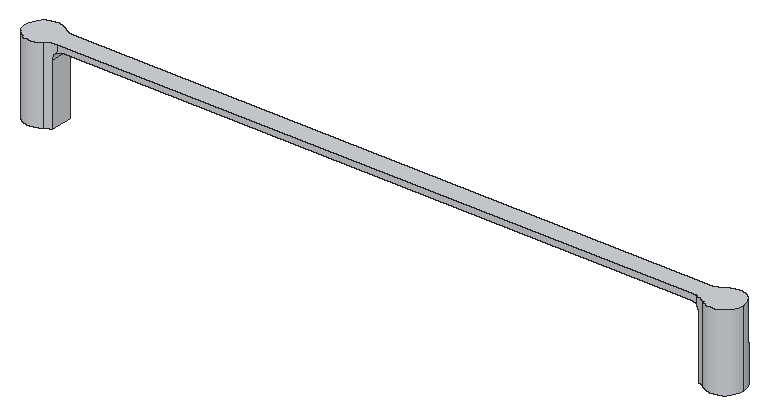
Revit family "Accessory-Towel_Bar-KOHLER-SINGULIER-K-15205T", category Specialty Equipment, host Face, Revit 2017
Family settings
  Host = Face
  Round Connector Dimension = Use Diameter
  Part Type = Normal
  OmniClass Number = 23.31.25.25
  OmniClass Title = Towel Bars
  Cut with Voids When Loaded = No
  Shared = No
  Room Calculation Point = No
Parameters (values of type "CP- Polished Chrome")
  Width = 25 1/4"  # constant formula
  WaterSense Certified = 1 = 0  # no
  URL = "http://www.kohler.com.cn/en/"
  Type = 1
  Product Page URL = "https://www.kohler.com.cn/product/K-15205T-CP/K-15205T-CP/"
  Product Name = "SINGULIER"  # constant formula
  Product Documentation Link = "https://files.kohler.com.cn/pdfs/15205t_22t.pdf"
  Model = if(Type = 1, "K-15205T-CP", "Not available")  # "K-15205T-CP"
  Material = "MetalConstruction"  # constant formula
  Master Format 2014 Name = "Toilet, Bath, and Laundry Accessories"  # constant formula
  Master Format 2014 = "10 28 00"  # constant formula
  Manufacturer Address = "Kohler Beijing Office (100016)\n36-2-03-B, No. 88, Liuxiang Road, Beijing"  # constant formula
  Manufacturer = "KOHLER Co."  # constant formula
  Length = 2 11/16"  # constant formula
  Height = 1 1/4"  # constant formula
  Finish = Kohler-Metal-CP-Polished_Chrome
  Environmental Product Declaration = ""
  Description = "Xin Jiali 24"  # constant formula
  Default Elevation = 42"
  Declare Label = ""
  Date Modified = "07/08/2020"  # constant formula
  Date Created = "07/08/2020"  # constant formula
  Copyright = "Copyright KOHLER Co."  # constant formula
  Contact Us = "http://www.kohler.com.cn/en/contact/contact-us/"
  Assembly Code = "C1030200"
  ADA Compliant = 1 = 0  # no
Reference planes (in)
  plane 1 "Center (Front/Back)": y = 0
  plane 2: z = 0
  plane 3 "Center (Left/Right)": x = 0
  plane 4: y = 0.62992
  plane 5: y = -0.62008
  plane 6: z = 2.6875
  plane 7: x = -12.61811
  plane 8: x = 12.63189
Dimensions and locks (in)
  plane 5 to plane 4 = 1 1/4"
  "Width": plane 7 to plane 8
  "Height": plane 4 to plane 5
  "Length": plane 6 to level
  aligned and locked: plane 2 to host face
  aligned and locked: level to host face
Automatic sketch dimensions
  host sketch curve to host sketch curve = 96"  (x2)
Nested families (in)
  nested 1: "K-15205T" at (0, 0, 0), type "K-15205T"
Definition of nested family "K-15205T"
  Parameters (values of type "K-15205T")
    Material = none
  Reference planes (in)
    plane 1 "Center (Front/Back)": y = 0
    plane 2: z = 0
    plane 3 "Center (Left/Right)": x = 0
    plane 4: x = 11.98819
    plane 5: x = -11.98819
    plane 6: z = 2.68504
    plane 7: x = -12.61811
    plane 8: x = -11.35827
    plane 9: y = 0.62992
    plane 10: y = -0.62992
    plane 11: x = 11.35827
    plane 12: x = 12.61811
  Forms (in)
    Revolve 1, solid, material <- "Material", detail levels medium+fine
      sketch origin (0, 0, 0) x (1, 0, 0) y (0, 0, 1)
        loop
          line (-12.61811, 2.68504) -> (-12.61811, 0) -> (-11.98819, 0) -> (-11.98819, 2.68504) -> (-12.61811, 2.68504)
        axis (-11.98819, 2.68504) -> (-11.98819, 0)
      angle from 0 to 360
    Revolve 2, solid, material <- "Material", detail levels medium+fine
      sketch origin (0, 0, 0) x (-1, 0, 0) y (0, 0, 1)
        loop
          line (-12.61811, 2.68504) -> (-12.61811, 0) -> (-11.98819, 0) -> (-11.98819, 2.68504) -> (-12.61811, 2.68504)
        axis (-11.98819, 2.68504) -> (-11.98819, 0)
      angle from 0 to 360
    Extrusion 3, solid, material <- "Material", detail levels medium+fine
      sketch origin (0, 0, 0) x (1, 0, 0) y (0, 1, 0)
        loop
          line (11.21545, 0.35433) -> (-11.21545, 0.35433)
          arc (-11.21545, 0.35433) -> (-11.41406, 0.38869) -> (-11.58958, 0.48776) r 0.59122
          line (-11.58958, 0.48776) -> (-11.74646, 0.48776) -> (-11.74646, -0.48776) -> (-11.58958, -0.48776)
          arc (-11.58958, -0.48776) -> (-11.41406, -0.38869) -> (-11.21545, -0.35433) r 0.59122
          line (-11.21545, -0.35433) -> (11.21545, -0.35433)
          arc (11.21545, -0.35433) -> (11.41406, -0.38869) -> (11.58958, -0.48776) r 0.59122
          line (11.58958, -0.48776) -> (11.74646, -0.48776) -> (11.74646, 0.48776) -> (11.58958, 0.48776)
          arc (11.58958, 0.48776) -> (11.41406, 0.38869) -> (11.21545, 0.35433) r 0.59122
      from 0 to 2.68504
    Extrusion 4, void
      sketch origin (0, 0, 0) x (1, 0, 0) y (0, 0, 1)
        loop
          arc (-11.04331, 2.49409) -> (-11.26602, 2.40184) -> (-11.35827, 2.17913) r 0.31496
          line (-11.35827, 2.17913) -> (-11.35827, 0) -> (11.35827, 0) -> (11.35827, 2.17913)
          arc (11.35827, 2.17913) -> (11.26602, 2.40184) -> (11.04331, 2.49409) r 0.31496
          line (11.04331, 2.49409) -> (-11.04331, 2.49409)
      from -1.5408 to 1.43535
    Extrusion 5, solid, material <- "Material", detail levels coarse
      sketch origin (0, 0, 0) x (1, 0, 0) y (0, 1, 0)
        loop
          circle (-11.98819, 0) r 0.62992
        loop
          circle (11.98819, 0) r 0.62992
      from 0 to 2.68504
    Extrusion 6, solid, material <- "Material", detail levels coarse
      sketch origin (0, 0, 0) x (1, 0, 0) y (0, 1, 0)
        loop
          line (-11.98819, 0.35433) -> (-11.98819, -0.35433) -> (11.98819, -0.35433) -> (11.98819, 0.35433) -> (-11.98819, 0.35433)
      from 2.20401 to 2.68504
  Cuts and joins
    Extrusion 4 cuts Extrusion 3
    joined: Revolve 1, Revolve 2, Extrusion 3
    joined: Extrusion 5, Extrusion 6
  Lines and regions (in)
    Masking region 1
      outline origin (0, 0, 0) x (1, 0, 0) y (0, 1, 0)
        loop
          line (11.21545, 0.35433) -> (-11.21545, 0.35433)
          arc (-11.21545, 0.35433) -> (-11.41406, 0.38869) -> (-11.58958, 0.48776) r 0.59122
          arc (-11.58958, 0.48776) -> (-12.2581, 0.56916) -> (-12.61811, 0) r 0.62992
          arc (-12.61811, 0) -> (-12.2581, -0.56916) -> (-11.58958, -0.48776) r 0.62992
          arc (-11.58958, -0.48776) -> (-11.41406, -0.38869) -> (-11.21545, -0.35433) r 0.59122
          line (-11.21545, -0.35433) -> (11.21545, -0.35433)
          arc (11.21545, -0.35433) -> (11.41406, -0.38869) -> (11.58958, -0.48776) r 0.59122
          arc (11.58958, -0.48776) -> (12.2581, -0.56916) -> (12.61811, 0) r 0.62992
          arc (12.61811, 0) -> (12.2581, 0.56916) -> (11.58958, 0.48776) r 0.62992
          arc (11.58958, 0.48776) -> (11.41406, 0.38869) -> (11.21545, 0.35433) r 0.59122
    Masking region 2
      outline origin (0, 0, 0) x (1, 0, 0) y (0, 0, 1)
        loop
          arc (-11.35827, 2.17913) -> (-11.26602, 2.40184) -> (-11.04331, 2.49409) r 0.31496
          line (-11.04331, 2.49409) -> (11.04331, 2.49409)
          arc (11.04331, 2.49409) -> (11.26602, 2.40184) -> (11.35827, 2.17913) r 0.31496
          line (11.35827, 2.17913) -> (11.35827, 0) -> (12.61811, 0) -> (12.61811, 2.62598)
          arc (12.61811, 2.62598) -> (12.60081, 2.66774) -> (12.55906, 2.68504) r 0.05906
          line (12.55906, 2.68504) -> (-12.55906, 2.68504)
          arc (-12.55906, 2.68504) -> (-12.60081, 2.66774) -> (-12.61811, 2.62598) r 0.05906
          line (-12.61811, 2.62598) -> (-12.61811, 0) -> (-11.35827, 0) -> (-11.35827, 2.17913)
    Masking region 3
      outline origin (0, 0, 0) x (0, 1, 0) y (0, 0, 1)
        loop
          line (-0.62992, 0) -> (0.62992, 0) -> (0.62992, 2.64705)
          arc (0.62992, 2.64705) -> (0.61879, 2.67391) -> (0.59193, 2.68504) r 0.03799
          line (0.59193, 2.68504) -> (-0.59167, 2.68504)
          arc (-0.59167, 2.68504) -> (-0.61872, 2.67384) -> (-0.62992, 2.64679) r 0.03825
          line (-0.62992, 2.64679) -> (-0.62992, 0)
    symbolic lines, detail levels medium+fine
      curve 1: arc (-11.61458, 0.45477, 0) -> (-12.24012, 0.53154, 0) -> (-12.57873, 0, 0) r 0.59055
      curve 2: line (-11.24097, 0.32157, 0) -> (11.24097, 0.32157, 0)
      curve 3: arc (-11.61458, 0.45477, 0) -> (-11.43929, 0.35587, 0) -> (-11.24097, 0.32157, 0) r 0.59055
      curve 4: line (-11.21549, 0.35432, 0) -> (-11.21549, 0.32157, 0)
      curve 5: line (-11.61458, 0.45477, 0) -> (-11.58832, 0.48673, 0)
      curve 6: arc (11.61458, 0.45477, 0) -> (12.24449, 0.52946, 0) -> (12.5787, -0.00968, 0) r 0.59055
      curve 7: arc (11.61458, 0.45477, 0) -> (11.43929, 0.35587, 0) -> (11.24097, 0.32157, 0) r 0.59055
      curve 8: line (11.21549, 0.35432, 0) -> (11.21549, 0.32157, 0)
      curve 9: line (11.61458, 0.45477, 0) -> (11.58832, 0.48673, 0)
      curve 10: arc (-11.61458, -0.45477, 0) -> (-12.24144, -0.53092, 0) -> (-12.57874, 0.00291, 0) r 0.59055
      curve 11: line (-11.24097, -0.32157, 0) -> (11.24097, -0.32157, 0)
      curve 12: arc (-11.61458, -0.45477, 0) -> (-11.43929, -0.35587, 0) -> (-11.24097, -0.32157, 0) r 0.59055
      curve 13: line (-11.21549, -0.35432, 0) -> (-11.21549, -0.32157, 0)
      curve 14: line (-11.61458, -0.45477, 0) -> (-11.58832, -0.48673, 0)
      curve 15: arc (11.61458, -0.45477, 0) -> (12.24449, -0.52946, 0) -> (12.5787, 0.00968, 0) r 0.59055
      curve 16: arc (11.61458, -0.45477, 0) -> (11.43929, -0.35587, 0) -> (11.24097, -0.32157, 0) r 0.59055
      curve 17: line (11.21549, -0.35432, 0) -> (11.21549, -0.32157, 0)
      curve 18: line (11.61458, -0.45477, 0) -> (11.58832, -0.48673, 0)
      curve 19: line (-10.89559, 0.35433, 0) -> (-10.89559, -0.35433, 0)
      curve 20: line (10.89559, 0.35433, 0) -> (10.89559, -0.35433, 0)
      curve 21: line (-11.58958, 0, 0) -> (-11.58958, 0, 2.62598)
      curve 22: line (-11.39895, 0, 0) -> (-11.39895, 0, 2.21192)
      curve 23: line (11.08367, 0, 2.5272) -> (-11.08367, 0, 2.5272)
      curve 24: arc (-11.39895, 0, 2.21192) -> (-11.30661, 0, 2.43486) -> (-11.08367, 0, 2.5272) r 0.31528
      curve 25: line (-11.35821, 0, 2.17913) -> (-11.39895, 0, 2.17913)
      curve 26: line (-11.04331, 0, 2.49409) -> (-11.04331, 0, 2.5272)
      curve 27: line (-11.29895, 0, 2.36311) -> (-11.34102, 0, 2.3934)
      curve 28: line (-11.34102, 0, 2.3934) -> (-11.34102, 0, 2.68504)
      curve 29: line (11.58958, 0, 0) -> (11.58958, 0, 2.62598)
      curve 30: line (11.39895, 0, 0) -> (11.39895, 0, 2.21192)
      curve 31: arc (11.39895, 0, 2.21192) -> (11.30661, 0, 2.43486) -> (11.08367, 0, 2.5272) r 0.31528
      curve 32: line (11.35821, 0, 2.17913) -> (11.39895, 0, 2.17913)
      curve 33: line (11.04331, 0, 2.49409) -> (11.04331, 0, 2.5272)
      curve 34: line (11.29895, 0, 2.36311) -> (11.34102, 0, 2.3934)
      curve 35: line (11.34102, 0, 2.3934) -> (11.34102, 0, 2.68504)
      curve 36: line (-12.61811, 0, 2.62598) -> (12.61811, 0, 2.62598)
      curve 37: arc (-11.58958, 0, 2.62598) -> (-11.61301, 0, 2.6616) -> (-11.64863, 0, 2.68504) r 0.1055
      curve 38: arc (11.58958, 0, 2.62598) -> (11.61301, 0, 2.6616) -> (11.64863, 0, 2.68504) r 0.1055
      curve 39: line (0, -0.62992, 2.64679) -> (0, 0.62992, 2.64679)
  Dimensions and locks (in)
    plane 5 to plane 4 = 23.97638"
    plane 4 to plane 5 = 23.97638"
    plane 6 to plane 2 = 2.68504"
    level to plane 6 = 2.68504"
    plane 7 to plane 8 = 1.25984"
    plane 9 to plane 10 = 1.25984"
    aligned and locked: plane 2 to level
  Automatic sketch dimensions
    Extrusion 4 sketch curve to level = 0"
    plane 8 to Extrusion 4 sketch curve = 0"
    Extrusion 4 sketch curve to plane 11 = 0"
    Extrusion 4 sketch curve to plane 6 = 0.19094"
    Extrusion 4 sketch curve to plane 8 = 0.31496"
    Extrusion 4 sketch curve to plane 11 = 0.31496"
    Revolve 1 sketch curve to plane 7 = 0"
    Revolve 1 sketch curve to plane 6 = 0"
    Revolve 1 sketch curve to plane 5 = 0"  (x2)
    Revolve 1 sketch curve to level = 0"
    Revolve 1 sketch curve to plane 6 = 0.3937"
    Revolve 1 sketch curve to Revolve 1 sketch curve = 0.59055"
    plane 12 to Revolve 2 sketch curve = 0"
    Revolve 2 sketch curve to plane 6 = 0"
    plane 4 to Revolve 2 sketch curve = 0"  (x2)
    Revolve 2 sketch curve to level = 0"
    plane 6 to Revolve 2 sketch curve = 0.3937"
    Revolve 2 sketch curve to Revolve 2 sketch curve = 0.59055"
    Extrusion 3 sketch curve to plane 9 = 0.14216"  (x2)
    plane 5 to Extrusion 3 sketch curve = 0.24173"
    Extrusion 3 sketch curve to Extrusion 3 sketch curve = 0.15689"  (x3)
    Extrusion 3 sketch curve to plane 8 = 0.14281"  (x2)
    Extrusion 3 sketch curve to plane 11 = 0.14281"  (x2)
    Extrusion 3 sketch curve to plane 10 = 0.14216"  (x2)
    plane 11 to Extrusion 3 sketch curve = 0.23131"
    Extrusion 3 sketch curve to plane 10 = 0.27559"
    Extrusion 3 sketch curve to plane 9 = 0.27559"
    plane 9 to Extrusion 3 sketch curve = 0.31563"
    Masking region 1 sketch curve to Masking region 1 sketch curve = 0"  (x4)
    plane 1 "Center (Front/Back)" to Masking region 1 sketch curve = 0"  (x2)
    Masking region 1 sketch curve to plane 7 = 0"
    Masking region 1 sketch curve to plane 5 = 0"
    Masking region 1 sketch curve to plane 4 = 0"
    Masking region 1 sketch curve to plane 12 = 0"
    Masking region 1 sketch curve to plane 8 = 0.14281"  (x2)
    Masking region 1 sketch curve to plane 11 = 0.14281"  (x2)
    Masking region 1 sketch curve to plane 10 = 0.27559"
    plane 10 to Masking region 1 sketch curve = 0.31563"  (x2)
    Masking region 1 sketch curve to plane 9 = 0.27559"
    plane 9 to Masking region 1 sketch curve = 0.31563"  (x2)
    plane 1 "Center (Front/Back)" to curve 1 = 0"
    curve 1 to plane 5 = 0"
    curve 10 to plane 5 = 0"
    curve 6 to plane 4 = 0"
    curve 15 to plane 4 = 0"
    curve 5 to plane 9 = 0.17515"
    plane 5 to curve 5 = 0.37361"
    curve 14 to plane 10 = 0.17515"
    plane 5 to curve 14 = 0.37361"
    curve 11 to plane 8 = 0.1173"
    curve 2 to plane 8 = 0.1173"
    curve 7 to plane 11 = 0.1173"
    curve 11 to plane 11 = 0.1173"
    curve 2 to plane 11 = 0.1173"
    plane 4 to curve 9 = 0.37361"
    plane 4 to curve 18 = 0.37361"
    plane 10 to curve 16 = 0.2822"
    plane 10 to curve 12 = 0.2822"
    plane 1 "Center (Front/Back)" to curve 6 = 0.00257"
    curve 10 to plane 1 "Center (Front/Back)" = 0.00291"
    curve 14 to curve 14 = 0.02626"
    curve 5 to curve 5 = 0.02626"
    curve 11 to curve 13 = 0.02548"
    curve 3 to curve 4 = 0.02548"
    curve 13 to curve 19 = 0.3199"
    curve 20 to curve 16 = 0.34538"
    curve 17 to curve 11 = 0.02548"
    curve 8 to curve 2 = 0.02548"
    curve 18 to curve 18 = 0.02626"
    curve 9 to curve 6 = 0.02626"
    curve 15 to plane 1 "Center (Front/Back)" = 0.00968"
    plane 1 "Center (Front/Back)" to curve 6 = 0.00968"
    curve 18 to curve 18 = 0.03196"
    curve 14 to curve 14 = 0.03196"
    curve 20 to plane 10 = 0.27559"
    curve 19 to plane 10 = 0.27559"
    curve 17 to curve 17 = 0.03275"
    curve 13 to curve 13 = 0.03275"
    curve 4 to curve 4 = 0.03275"
    curve 8 to curve 8 = 0.03275"
    curve 19 to plane 9 = 0.27559"
    curve 20 to plane 9 = 0.27559"
    curve 5 to curve 5 = 0.03196"
    curve 6 to curve 9 = 0.03196"
    Masking region 2 sketch curve to plane 7 = 0"
    Masking region 2 sketch curve to plane 6 = 0"
    plane 8 to Masking region 2 sketch curve = 0"
    Masking region 2 sketch curve to level = 0"  (x2)
    Masking region 2 sketch curve to plane 11 = 0"
    plane 12 to Masking region 2 sketch curve = 0"
    plane 7 to Masking region 2 sketch curve = 0.05906"
    Masking region 2 sketch curve to plane 6 = 0.19094"
    Masking region 2 sketch curve to plane 8 = 0.31496"
    Masking region 2 sketch curve to plane 11 = 0.31496"
    plane 12 to Masking region 2 sketch curve = 0.05906"
    Masking region 2 sketch curve to plane 6 = 0.05906"
    curve 36 to plane 7 = 0"
    curve 37 to plane 6 = 0"
    curve 21 to level = 0"
    curve 22 to level = 0"
    curve 28 to plane 6 = 0"
    curve 35 to plane 6 = 0"
    curve 30 to level = 0"
    curve 29 to level = 0"
    curve 38 to plane 6 = 0"
    plane 12 to curve 36 = 0"
    curve 37 to plane 6 = 0.09804"
    plane 5 to curve 37 = 0.30058"
    plane 8 to curve 22 = 0.04068"
    curve 28 to plane 8 = 0.01724"
    curve 23 to plane 6 = 0.15784"
    curve 23 to plane 8 = 0.27459"
    curve 23 to plane 11 = 0.27459"
    curve 35 to plane 11 = 0.01724"
    plane 11 to curve 30 = 0.04068"
    curve 38 to plane 6 = 0.09804"
    plane 4 to curve 38 = 0.30058"
    curve 24 to curve 28 = 0.18148"
    curve 31 to curve 35 = 0.18148"
    curve 37 to curve 37 = 0.03898"
    curve 37 to curve 21 = 0.05906"
    curve 37 to curve 21 = 0"
    curve 25 to plane 8 = 0.00006"
    curve 27 to curve 27 = 0.04208"
    curve 24 to curve 26 = 0.04037"
    curve 33 to curve 31 = 0.04037"
    curve 34 to curve 34 = 0.04208"
    curve 32 to plane 11 = 0.00006"
    curve 30 to curve 29 = 0.19062"
    curve 38 to curve 29 = 0"
    curve 32 to curve 30 = 0.03279"
    curve 25 to curve 22 = 0.03279"
    curve 27 to curve 27 = 0.03028"
    curve 34 to curve 34 = 0.03028"
    curve 26 to curve 26 = 0.0331"
    curve 33 to curve 33 = 0.0331"
    Masking region 3 sketch curve to plane 10 = 0"
    Masking region 3 sketch curve to plane 6 = 0"
    Masking region 3 sketch curve to level = 0"
    Masking region 3 sketch curve to plane 9 = 0"
    Masking region 3 sketch curve to plane 6 = 0.03825"
    Masking region 3 sketch curve to plane 6 = 0.03799"
    curve 39 to plane 10 = 0"
    curve 39 to plane 9 = 0"
    curve 39 to plane 6 = 0.03825"
    plane 1 "Center (Front/Back)" to Extrusion 5 sketch curve = 0"  (x2)
    Extrusion 5 sketch curve to plane 5 = 0"
    Extrusion 5 sketch curve to plane 4 = 0"
    Extrusion 6 sketch curve to plane 5 = 0"
    Extrusion 6 sketch curve to plane 4 = 0"
    Extrusion 6 sketch curve to plane 10 = 0.27559"
    Extrusion 6 sketch curve to plane 9 = 0.27559"
    radius of Extrusion 5 sketch curve = 0.62992"  (x2)
